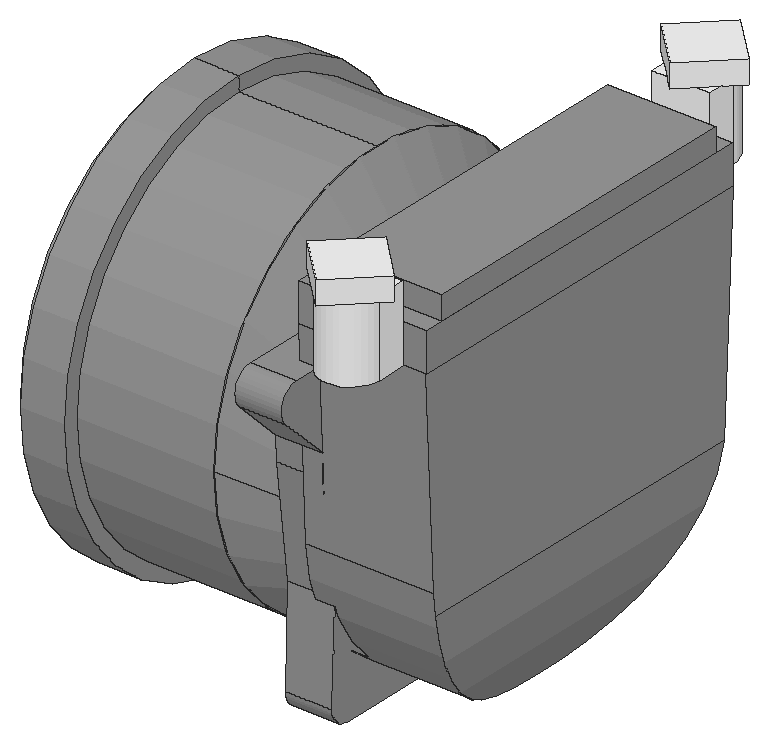
Revit family "HL_Затвор_HL720.0", category Příslušenství trubek, Revit 2016
Family settings
  Typ součásti = Zakončení
  Kóta kulaté spojky = Použít průměr
  Číslo OmniClass = 23.65.55.14.21
  Nadpis OmniClass = Non-Return Valves for Liquid Services
  Založené na pracovní rovině = Ne
  Vždy vertikální = Ano
  Ořezat dutým tvarem při načtení = Ne
  Sdílené = Ne
Parameters
  РАЗМЕР = "DN200"
  ПРОПУСКНАЯ СПОСОБНОСТЬ [instance] = 0.0 m³/h
  ПРАВОВАЯ ИНФОРМАЦИЯ = "\"Copyright (©), design rights or any other intellectual property rights, shall be the exclusive property of HL Hutterer & Lechner GmbH. Modification is not allowed. Family has been watermarked.\""
  ПАДЕНИЕ ДАВЛЕНИЯ [instance] = 0.0 Pa
  НОМИНАЛЬНЫЙ ДИАМЕТР = 200 mm
  МАТЕРИАЛ = "ABS"
  ВЫСОТА МОНТАЖА = "246 mm"
  ВЕС = "1,56 kg"
  Výrobce = "HL Hutterer & Lechner GmbH"
  URL = "http://www.hutterer-lechner.com/en/products/catalog/roof-drains/HL720.0.aspx"
  Description = "Anti flood valves"
  Model = "HL720.0"
  Type Comments = "anti-flood valve DN200 with stainless steel flap and socket for plastic pipes"
  Keynote = "HL720.0"
  EAN = "9003076172009"
  Cena = 0
Types (2, lengths in mm): name | ПРАВОВАЯ ИНФОРМАЦИЯ | URL | Description | Type Comments
  (no name) | "\"Copyright (©), design rights or any other intellectual property rights, shall be the exclusive property of HL Hutterer & Lechner GmbH. Modification is not allowed. Family has been watermarked.\"" | "http://www.hutterer-lechner.com/en/products/catalog/roof-drains/HL720.0.aspx" | "Anti flood valves" | "anti-flood valve DN200 with stainless steel flap and socket for plastic pipes"
  HL_Затвор_HL720.0 | "\"Авторские права(©), права на дизайн или какие либо другие права интелектуальной собственности являются исключительной собственностью компании HL Hutterer & Lechner. Изменению не подлежит. Файл семейства с данными о прозводителе изделия защищен паролем с водяным знаком.\"" | "http://www.hutterer-lechner.com/ru/products/catalog/roof-drains/HL720.0.aspx" | "Механический канализационный затвор" | "Затвор DN200 с заслонкой из нержавеющей стали и муфтой для труб из синтетического материала."
Reference planes
  plane 1 "Střed (vpředu/vzadu)": y = 0
  plane 2: z = 0
  plane 3 "Střed (vlevo/vpravo)": x = 0
Forms (mm)
  Extrusion 1, solid, material "Plastic - Orange", detail levels fine
    sketch origin (122, 0.5, 99.5) x (0, 1, 0) y (1, 0, 0)
      loop
        line (99.13, -83) -> (99.13, -17) -> (-98.87, -17) -> (-98.87, -83) -> (99.13, -83)
    from 0 to 20
  Sweep 2, solid, material "Plastic - Orange", detail levels fine
    path origin (122, 0.5, 111.5) x (1, 0, 0) y (0, 0, 1)
      loop
        line (-17, -32) -> (-83, -32)
    profile origin (72, 0.5, 79.5) x (0, 0, -1) y (0, -1, 0)
      loop
        line (0, -99.13) -> (104.005, -94.138)
        arc (104.005, -94.138) -> (166.421, -64.809) -> (189.998, 0) r 90.409
        arc (189.998, 0) -> (166.421, 64.809) -> (104.005, 94.138) r 90.409
        line (104.005, 94.138) -> (0, 99.13) -> (0, 0) -> (0, -99.13)
  Extrusion 3, solid, material "Plactic - White", detail levels fine
    sketch origin (38, 0.5, 111.5) x (1, 0, 0) y (0, 1, 0)
      loop
        line (40.5, 136.497) -> (17.873, 113.87) -> (40.5, 91.242) -> (63.127, 113.87) -> (40.5, 136.497)
    from 7.235 to 19.235
  Extrusion 4, solid, material "Plactic - White", detail levels fine
    sketch origin (38, 0.5, 118.735) x (0, 1, 0) y (1, 0, 0)
      loop
        line (113.87, 55.5) -> (98.52, 55.5) -> (98.52, 25.5) -> (113.87, 25.5)
        arc (113.87, 25.5) -> (128.87, 40.5) -> (113.87, 55.5) r 15
    from 0 to 39.235
  Extrusion 5, solid, material "Plastic - Orange", detail levels fine
    sketch origin (122, 0.5, 132.099) x (0, 1, 0) y (0, 0, 1)
      loop
        arc (-112.5, -69.599) -> (-121.739, -75.772) -> (-119.571, -86.67) r 10
        line (-119.571, -86.67) -> (-96.14, -110.101) -> (-95.533, -122.745) -> (-88.249, -181.291) -> (-90.006, -231.593)
        arc (-90.006, -231.593) -> (-87.075, -238.668) -> (-80, -241.599) r 10.006
        line (-80, -241.599) -> (0, -241.599) -> (80, -241.599)
        arc (80, -241.599) -> (87.075, -238.668) -> (90.006, -231.593) r 10.006
        line (90.006, -231.593) -> (88.249, -181.291) -> (95.533, -122.745) -> (96.14, -110.101) -> (119.571, -86.67)
        arc (119.571, -86.67) -> (121.739, -75.772) -> (112.5, -69.599) r 10
        line (112.5, -69.599) -> (0, -69.599) -> (-112.5, -69.599)
    from -97 to -73
  Revolve 6, solid, material "Plastic - Orange", detail levels fine
    sketch origin (122, 0.5, 111.5) x (1, 0, 0) y (0, 0, 1)
      loop
        line (-222, -111.5) -> (-122, -111.5) -> (-122, -6.5) -> (-193, -6.5) -> (-193, 0.981) -> (-215.833, 0.981) -> (-215.833, -6.5) -> (-222, -6.5) -> (-222, -111.5)
      axis (-122, -111.5) -> (-222, -111.5)
    angle from 0 to 360
  Blend 7, solid, material "Plastic - Orange", detail levels fine
    base sketch origin (122, 0.5, 111.5) x (0, 1, 0) y (0, 0, 1)
      loop
        circle (0, -111.5) r 105
    top sketch origin (122, 0.5, 111.5) x (0, 1, 0) y (0, 0, 1)
      loop
        circle (0, -129) r 80
    from -122 to -97
  Extrusion 8, solid, material "Plactic - White", detail levels fine
    sketch origin (38, -0.5, 111.5) x (1, 0, 0) y (0, 1, 0)
      loop
        line (40.5, -136.497) -> (63.127, -113.87) -> (40.5, -91.242) -> (17.873, -113.87) -> (40.5, -136.497)
    from 7.235 to 19.235
  Extrusion 9, solid, material "Plactic - White", detail levels fine
    sketch origin (38, -0.5, 118.735) x (0, 1, 0) y (1, 0, 0)
      loop
        arc (-113.87, 55.5) -> (-128.87, 40.5) -> (-113.87, 25.5) r 15
        line (-113.87, 25.5) -> (-98.52, 25.5) -> (-98.52, 55.5) -> (-113.87, 55.5)
    from 0 to 39.235
  Extrusion 10, void
    sketch origin (78.5, 0, 111.5) x (-1, 0, 0) y (0, 0, 1)
      loop
        arc (-2.405, -226) -> (-20.342, -188.295) -> (-26.5, -146.998) r 141.564
        line (-26.5, -146.998) -> (-31.5, -146.998) -> (-31.5, -226) -> (-2.405, -226)
    from -110 to 110
  Extrusion 11, solid, material "Plastic - Orange", detail levels fine
    sketch origin (78.5, 0, 111.5) x (-1, 0, 0) y (0, -1, 0)
      loop
        line (-26.5, 88.178) -> (-26.5, -88.749) -> (29.5, -88.749) -> (29.5, 88.178) -> (-26.5, 88.178)
    from -12 to 0
Cuts and joins
  Extrusion 10 cuts Sweep 2
Lines and regions (mm)
  symbolic lines, style "Symbol", detail levels coarse+medium
    curve 1: line (0, -104.5, 0) -> (0, 105.5, 0)
    curve 2: line (0, 0, 0) -> (105, 0, 0)
    curve 3: circle (205, 0, 0) r 100 normal (0, 0, 1)
  model lines, style "Symbol", detail levels coarse+medium
    curve 4: line (0, 0, -105) -> (0, 0, 105)
    curve 5: line (0, 0, 0) -> (105, 0, 0)
    curve 6: circle (205, 0, 0) r 100 normal (0, -1, 0)
Dimensions and locks
  aligned and locked: level to plane 2
Connectors
  piping at (0, 0, 0), diameter 200, driven by "ПАДЕНИЕ ДАВЛЕНИЯ", driven by "НОМИНАЛЬНЫЙ ДИАМЕТР", driven by "ПРОПУСКНАЯ СПОСОБНОСТЬ"
    settings: on plane 3 "Střed (vlevo/vpravo)", index 1, connector inside diameter 609.6 mm, connector length 0 mm, flow factor 0, pipe flow 0.0 m³/h, pressure drop 0.0 Pa, fitting loss kfactor 0, connector angle 0.00°, fixture units 0, engagement length 0 mm, angle of deflection 0.00°, flow configuration 0, flow direction 0, fitting loss method 4, system type 16, joint type 0, gender type 0, connector reference index -1, connector utility 0, adjustable connector no, is connector primary yes, connector description ""
